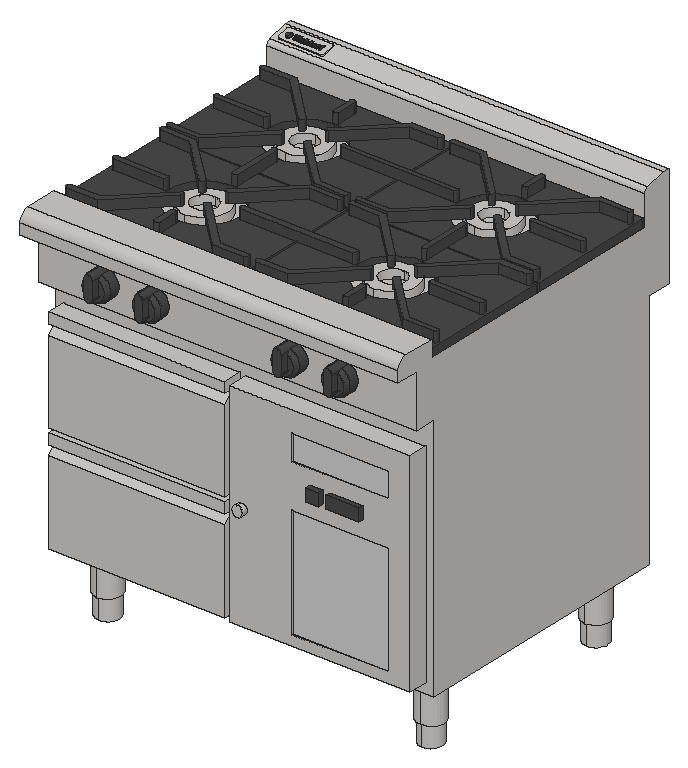
Revit family "QF_MOFFAT WALDORF_RNL8900G-RB", category Specialty Equipment, Revit 2012
Parameters
  Weight in Pounds = 396.8316
  Watts = 250 W
  Volts = 240 V
  URL Cutsheet = "www.moffat.com"
  URL = "www.moffat.com"
  Type Mark [instance] = ""
  Status [instance] = ""
  Specification by User [instance] = ""
  Specification by Manufacturer = ""
  Show Logo [instance] = yes
  Show Door [instance] = no
  Show Clearance [instance] = yes
  Show Casters [instance] = no
  Serial Number = ""
  Seismic Rating = ""
  SMACNA No = ""
  Revision Code [instance] = ""
  Refrigerant Type = "R134a"
  Phase = 1
  Omniclass Number and Title = ""
  Number of Poles = 1
  NAFEM Spec ID Number = ""
  Model = "RNL8900G-RB"
  Min Ckt Ampacity = 0 A
  Mechanical Remarks [instance] = ""
  Mechanical Connection Type [instance] = ""
  Max Overcurrent Protection = 0 A
  Masterspec = ""
  Manufacturer = "MOFFAT WALDORF"
  Legs [instance] = not(Show Casters)  # yes
  Item Number [instance] = ""
  Installed By [instance] = ""
  Identify Quantity as Lot [instance] = yes
  HP = ""
  Gas Size = 3/4"
  Gas RI Height [instance] = 0.0 mm
  Gas KW [instance] = 31
  Gas Input [instance] = 106156.0 Btu/h
  Gas Connection Height = 0.0 mm
  Furnished By [instance] = ""
  Foodservice Equipment Identifier [instance] = yes
  FL Amps = 1.8 A
  Elec Conn RI Height = 0.0 mm
  Elec Conn Connection Height = 0.0 mm
  Drawer Clearance [instance] = and(Show Clearance, and(Drawer))  # yes
  Drawer [instance] = not(Show Door)  # yes
  Door Clearance [instance] = and(Show Clearance, and(Show Door))  # no
  Description = "COOK TOP LOW SPLASHBACK GAS ON REFRIGERATED BASE"
  Cycle = 50 Hz
  Conn Plug = ""
  Conn Conduit = yes
  CSI MasterFormat = ""
  CSI Master Format = ""
  Base Height [instance] = 150.0 mm
  Apparent Power = if(Phase = 3, Volts * FL Amps * 1.73, Volts * FL Amps)  # 432 VA
Reference planes
  plane 1 "BACK": y = 0
  plane 2: z = 0
  plane 3 "LEFT": x = 0
  plane 4 "RIGHT": x = 900
  plane 5 "FRONT": y = -805
  plane 6 "TOP": z = 970
  plane 7 "Center Y": x = 450
  plane 8 "Center X": y = -402.5
  plane 9 "Base Height": z = 150
  plane 10: z = 915
  plane 11: z = 174
  plane 12: x = 617
  plane 13: z = 402
  plane 14: y = -135
  plane 15: y = -625
  plane 16: x = 65.8
Forms (mm)
  Extrusion 1, solid, material "QF_Finishes_Stainless Steel"
    sketch origin (0, 0, 0) x (0, 1, 0) y (0, 0, 1)
      loop
        line (-805, 891) -> (-805, 866) -> (-749, 866) -> (-749, 740) -> (-699, 740) -> (-699, 150) -> (-59, 150) -> (-59, 725) -> (0, 725) -> (0, 970) -> (-15, 970) -> (-61.106, 957.646)
        arc (-61.106, 957.646) -> (-67.52, 953.36) -> (-70, 946.055) r 12
        line (-70, 946.055) -> (-70, 875) -> (-705, 875) -> (-705, 915) -> (-781, 915)
        arc (-781, 915) -> (-797.971, 907.971) -> (-805, 891) r 24
    from 0 to 900
  Revolve 2, solid, material "QF_Finishes_Black"
    sketch origin (285.001, 0, 600) x (0, -1, 0) y (0, 0, 1)
      loop
        line (782, 234.605) -> (759, 234.605) -> (759, 207.105) -> (749, 207.105) -> (749, 202.105) -> (793, 202.105) -> (793, 228.757) -> (782, 234.605)
      axis (793, 202.105) -> (749, 202.105)
    angle from 0 to 360
  Extrusion 3, solid, material "QF_Finishes_Black"
    sketch origin (-3.43, 0, 496.003) x (1, 0, 0) y (0, 0, 1)
      loop
        line (298.431, 294) -> (298.431, 332.997)
        arc (298.431, 332.997) -> (288.431, 342.997) -> (278.431, 332.997) r 10
        line (278.431, 332.997) -> (278.431, 294)
        arc (278.431, 294) -> (288.431, 284) -> (298.431, 294) r 10
    from 759 to 808
  Extrusion 4, solid, material "QF_Finishes_Stainless Steel"
    sketch origin (705, 3, 95) x (1, 0, 0) y (0, 1, 0)
      loop
        circle (65, -35) r 13.5
    from 560 to 630
  Revolve 5, solid, material "QF_Finishes_Black"
    sketch origin (165, 0, 599.873) x (0, 1, 0) y (0, 0, -1)
      loop
        line (-782, -234.5) -> (-759, -234.5) -> (-759, -207) -> (-749, -207) -> (-749, -202) -> (-793, -202) -> (-793, -228.651) -> (-782, -234.5)
      axis (-793, -202) -> (-749, -202)
    angle from 0 to 360
  Extrusion 6, solid, material "QF_Finishes_Black"
    sketch origin (303.27, 0, 600.031) x (-1, 0, 0) y (0, 0, -1)
      loop
        arc (148.269, -189.969) -> (138.269, -179.969) -> (128.269, -189.969) r 10
        line (128.269, -189.969) -> (128.269, -228.969)
        arc (128.269, -228.969) -> (138.269, -238.969) -> (148.269, -228.969) r 10
        line (148.269, -228.969) -> (148.269, -189.969)
    from 759 to 808
  Extrusion 7, solid, material "QF_Finishes_Black"
    sketch origin (0, -77.318, 894.5) x (0, -1, 0) y (1, 0, 0)
      loop
        spline (252.08, 230.775) -> (250.786, 230.557) -> (249.58, 229.918) -> (248.545, 228.9) -> (247.75, 227.575) -> (247.251, 226.031) -> (247.08, 224.375) -> (247.251, 222.719) -> (247.75, 221.175) -> (248.545, 219.85) -> (249.58, 218.832) -> (250.786, 218.193) -> (252.08, 217.975)
        line (252.08, 217.975) -> (368.284, 217.975)
        spline (368.284, 217.975) -> (369.579, 218.193) -> (370.784, 218.832) -> (371.82, 219.85) -> (372.615, 221.175) -> (373.114, 222.719) -> (373.284, 224.375) -> (373.114, 226.031) -> (372.615, 227.575) -> (371.82, 228.9) -> (370.784, 229.918) -> (369.579, 230.557) -> (368.284, 230.775)
        line (368.284, 230.775) -> (252.08, 230.775)
      loop
        spline (601.284, 217.975) -> (602.579, 218.193) -> (603.784, 218.832) -> (604.82, 219.85) -> (605.615, 221.175) -> (606.114, 222.719) -> (606.284, 224.375) -> (606.114, 226.031) -> (605.615, 227.575) -> (604.82, 228.9) -> (603.784, 229.918) -> (602.579, 230.557) -> (601.284, 230.775)
        line (601.284, 230.775) -> (552.08, 230.775)
        spline (552.08, 230.775) -> (550.786, 230.557) -> (549.58, 229.918) -> (548.545, 228.9) -> (547.75, 227.575) -> (547.251, 226.031) -> (547.08, 224.375) -> (547.251, 222.719) -> (547.75, 221.175) -> (548.545, 219.85) -> (549.58, 218.832) -> (550.786, 218.193) -> (552.08, 217.975)
        line (552.08, 217.975) -> (601.284, 217.975)
      loop
        line (466.582, 13.273) -> (466.582, 132.477)
        spline (466.582, 132.477) -> (466.364, 133.771) -> (465.725, 134.977) -> (464.708, 136.013) -> (463.382, 136.807) -> (461.839, 137.307) -> (460.182, 137.477) -> (458.526, 137.307) -> (456.982, 136.807) -> (455.657, 136.013) -> (454.64, 134.977) -> (454, 133.771) -> (453.782, 132.477)
        line (453.782, 132.477) -> (453.782, 13.273)
        spline (453.782, 13.273) -> (454, 11.979) -> (454.64, 10.773) -> (455.657, 9.737) -> (456.982, 8.943) -> (458.526, 8.443) -> (460.182, 8.273) -> (461.839, 8.443) -> (463.382, 8.943) -> (464.708, 9.737) -> (465.725, 10.773) -> (466.364, 11.979) -> (466.582, 13.273)
      loop
        line (14.11, 87.354) -> (14.11, 13.21)
        spline (14.11, 13.21) -> (14.338, 11.916) -> (15.008, 10.71) -> (16.073, 9.675) -> (17.46, 8.88) -> (19.076, 8.381) -> (20.81, 8.21) -> (22.544, 8.381) -> (24.16, 8.88) -> (25.548, 9.675) -> (26.613, 10.71) -> (27.282, 11.916) -> (27.51, 13.21)
        line (27.51, 13.21) -> (27.51, 82.652) -> (133.259, 188.4)
        spline (133.259, 188.4) -> (134.019, 189.47) -> (134.42, 190.774) -> (134.433, 192.226) -> (134.058, 193.725) -> (133.319, 195.17) -> (132.269, 196.461) -> (130.977, 197.512) -> (129.532, 198.25) -> (128.033, 198.626) -> (126.582, 198.613) -> (125.277, 198.212) -> (124.208, 197.451)
        line (124.208, 197.451) -> (14.11, 87.354)
      loop
        spline (19.08, 230.775) -> (17.786, 230.557) -> (16.58, 229.918) -> (15.545, 228.9) -> (14.75, 227.575) -> (14.251, 226.031) -> (14.08, 224.375) -> (14.251, 222.719) -> (14.75, 221.175) -> (15.545, 219.85) -> (16.58, 218.832) -> (17.786, 218.193) -> (19.08, 217.975)
        line (19.08, 217.975) -> (68.284, 217.975)
        spline (68.284, 217.975) -> (69.579, 218.193) -> (70.784, 218.832) -> (71.82, 219.85) -> (72.615, 221.175) -> (73.114, 222.719) -> (73.284, 224.375) -> (73.114, 226.031) -> (72.615, 227.575) -> (71.82, 228.9) -> (70.784, 229.918) -> (69.579, 230.557) -> (68.284, 230.775)
        line (68.284, 230.775) -> (19.08, 230.775)
      loop
        line (306.255, 87.354) -> (196.157, 197.451)
        spline (196.157, 197.451) -> (195.088, 198.212) -> (193.783, 198.613) -> (192.332, 198.626) -> (190.832, 198.25) -> (189.388, 197.512) -> (188.096, 196.461) -> (187.045, 195.17) -> (186.307, 193.725) -> (185.932, 192.226) -> (185.945, 190.774) -> (186.345, 189.47) -> (187.106, 188.4)
        line (187.106, 188.4) -> (292.855, 82.652) -> (292.855, 13.21)
        spline (292.855, 13.21) -> (293.083, 11.916) -> (293.752, 10.71) -> (294.817, 9.675) -> (296.205, 8.88) -> (297.82, 8.381) -> (299.555, 8.21) -> (301.289, 8.381) -> (302.905, 8.88) -> (304.292, 9.675) -> (305.357, 10.71) -> (306.026, 11.916) -> (306.255, 13.21)
        line (306.255, 13.21) -> (306.255, 87.354)
      loop
        line (166.582, 13.273) -> (166.582, 132.477)
        spline (166.582, 132.477) -> (166.364, 133.771) -> (165.725, 134.977) -> (164.708, 136.013) -> (163.382, 136.807) -> (161.839, 137.307) -> (160.182, 137.477) -> (158.526, 137.307) -> (156.982, 136.807) -> (155.657, 136.013) -> (154.64, 134.977) -> (154, 133.771) -> (153.782, 132.477)
        line (153.782, 132.477) -> (153.782, 13.273)
        spline (153.782, 13.273) -> (154, 11.979) -> (154.64, 10.773) -> (155.657, 9.737) -> (156.982, 8.943) -> (158.526, 8.443) -> (160.182, 8.273) -> (161.839, 8.443) -> (163.382, 8.943) -> (164.708, 9.737) -> (165.725, 10.773) -> (166.364, 11.979) -> (166.582, 13.273)
      loop
        line (14.11, 361.396) -> (124.208, 251.299)
        spline (124.208, 251.299) -> (125.277, 250.538) -> (126.582, 250.137) -> (128.033, 250.124) -> (129.532, 250.5) -> (130.977, 251.238) -> (132.269, 252.289) -> (133.319, 253.58) -> (134.058, 255.025) -> (134.433, 256.524) -> (134.42, 257.976) -> (134.019, 259.28) -> (133.259, 260.35)
        line (133.259, 260.35) -> (27.51, 366.098) -> (27.51, 435.54)
        spline (27.51, 435.54) -> (27.282, 436.834) -> (26.613, 438.04) -> (25.548, 439.075) -> (24.16, 439.87) -> (22.544, 440.369) -> (20.81, 440.54) -> (19.076, 440.369) -> (17.46, 439.87) -> (16.073, 439.075) -> (15.008, 438.04) -> (14.338, 436.834) -> (14.11, 435.54)
        line (14.11, 435.54) -> (14.11, 361.396)
      loop
        line (306.255, 361.396) -> (306.255, 435.54)
        spline (306.255, 435.54) -> (306.026, 436.834) -> (305.357, 438.04) -> (304.292, 439.075) -> (302.905, 439.87) -> (301.289, 440.369) -> (299.555, 440.54) -> (297.82, 440.369) -> (296.205, 439.87) -> (294.817, 439.075) -> (293.752, 438.04) -> (293.083, 436.834) -> (292.855, 435.54)
        line (292.855, 435.54) -> (292.855, 366.098) -> (187.106, 260.35)
        spline (187.106, 260.35) -> (186.345, 259.28) -> (185.945, 257.976) -> (185.932, 256.524) -> (186.307, 255.025) -> (187.045, 253.58) -> (188.096, 252.289) -> (189.388, 251.238) -> (190.832, 250.5) -> (192.332, 250.124) -> (193.783, 250.137) -> (195.088, 250.538) -> (196.157, 251.299)
        line (196.157, 251.299) -> (306.255, 361.396)
      loop
        spline (166.582, 583.727) -> (166.364, 585.021) -> (165.725, 586.227) -> (164.708, 587.263) -> (163.382, 588.057) -> (161.839, 588.557) -> (160.182, 588.727) -> (158.526, 588.557) -> (156.982, 588.057) -> (155.657, 587.263) -> (154.64, 586.227) -> (154, 585.021) -> (153.782, 583.727)
        line (153.782, 583.727) -> (153.782, 316.273)
        spline (153.782, 316.273) -> (154, 314.979) -> (154.64, 313.773) -> (155.657, 312.737) -> (156.982, 311.943) -> (158.526, 311.443) -> (160.182, 311.273) -> (161.839, 311.443) -> (163.382, 311.943) -> (164.708, 312.737) -> (165.725, 313.773) -> (166.364, 314.979) -> (166.582, 316.273)
        line (166.582, 316.273) -> (166.582, 583.727)
      loop
        line (313.11, 87.354) -> (313.11, 13.21)
        spline (313.11, 13.21) -> (313.338, 11.916) -> (314.008, 10.71) -> (315.073, 9.675) -> (316.46, 8.88) -> (318.076, 8.381) -> (319.81, 8.21) -> (321.544, 8.381) -> (323.16, 8.88) -> (324.548, 9.675) -> (325.613, 10.71) -> (326.282, 11.916) -> (326.51, 13.21)
        line (326.51, 13.21) -> (326.51, 82.652) -> (432.259, 188.4)
        spline (432.259, 188.4) -> (433.019, 189.47) -> (433.42, 190.774) -> (433.433, 192.226) -> (433.058, 193.725) -> (432.319, 195.17) -> (431.269, 196.461) -> (429.977, 197.512) -> (428.532, 198.25) -> (427.033, 198.626) -> (425.582, 198.613) -> (424.277, 198.212) -> (423.208, 197.451)
        line (423.208, 197.451) -> (313.11, 87.354)
      loop
        line (605.255, 87.354) -> (495.157, 197.451)
        spline (495.157, 197.451) -> (494.088, 198.212) -> (492.783, 198.613) -> (491.332, 198.626) -> (489.832, 198.25) -> (488.388, 197.512) -> (487.096, 196.461) -> (486.045, 195.17) -> (485.307, 193.725) -> (484.932, 192.226) -> (484.945, 190.774) -> (485.345, 189.47) -> (486.106, 188.4)
        line (486.106, 188.4) -> (591.855, 82.652) -> (591.855, 13.21)
        spline (591.855, 13.21) -> (592.083, 11.916) -> (592.752, 10.71) -> (593.817, 9.675) -> (595.205, 8.88) -> (596.82, 8.381) -> (598.555, 8.21) -> (600.289, 8.381) -> (601.905, 8.88) -> (603.292, 9.675) -> (604.357, 10.71) -> (605.026, 11.916) -> (605.255, 13.21)
        line (605.255, 13.21) -> (605.255, 87.354)
      loop
        line (313.11, 361.396) -> (423.208, 251.299)
        spline (423.208, 251.299) -> (424.277, 250.538) -> (425.582, 250.137) -> (427.033, 250.124) -> (428.532, 250.5) -> (429.977, 251.238) -> (431.269, 252.289) -> (432.319, 253.58) -> (433.058, 255.025) -> (433.433, 256.524) -> (433.42, 257.976) -> (433.019, 259.28) -> (432.259, 260.35)
        line (432.259, 260.35) -> (326.51, 366.098) -> (326.51, 435.54)
        spline (326.51, 435.54) -> (326.282, 436.834) -> (325.613, 438.04) -> (324.548, 439.075) -> (323.16, 439.87) -> (321.544, 440.369) -> (319.81, 440.54) -> (318.076, 440.369) -> (316.46, 439.87) -> (315.073, 439.075) -> (314.008, 438.04) -> (313.338, 436.834) -> (313.11, 435.54)
        line (313.11, 435.54) -> (313.11, 361.396)
      loop
        line (605.255, 361.396) -> (605.255, 435.54)
        spline (605.255, 435.54) -> (605.026, 436.834) -> (604.357, 438.04) -> (603.292, 439.075) -> (601.905, 439.87) -> (600.289, 440.369) -> (598.555, 440.54) -> (596.82, 440.369) -> (595.205, 439.87) -> (593.817, 439.075) -> (592.752, 438.04) -> (592.083, 436.834) -> (591.855, 435.54)
        line (591.855, 435.54) -> (591.855, 366.098) -> (486.106, 260.35)
        spline (486.106, 260.35) -> (485.345, 259.28) -> (484.945, 257.976) -> (484.932, 256.524) -> (485.307, 255.025) -> (486.045, 253.58) -> (487.096, 252.289) -> (488.388, 251.238) -> (489.832, 250.5) -> (491.332, 250.124) -> (492.783, 250.137) -> (494.088, 250.538) -> (495.157, 251.299)
        line (495.157, 251.299) -> (605.255, 361.396)
      loop
        spline (465.582, 583.727) -> (465.364, 585.021) -> (464.725, 586.227) -> (463.708, 587.263) -> (462.382, 588.057) -> (460.839, 588.557) -> (459.182, 588.727) -> (457.526, 588.557) -> (455.982, 588.057) -> (454.657, 587.263) -> (453.64, 586.227) -> (453, 585.021) -> (452.782, 583.727)
        line (452.782, 583.727) -> (452.782, 316.273)
        spline (452.782, 316.273) -> (453, 314.979) -> (453.64, 313.773) -> (454.657, 312.737) -> (455.982, 311.943) -> (457.526, 311.443) -> (459.182, 311.273) -> (460.839, 311.443) -> (462.382, 311.943) -> (463.708, 312.737) -> (464.725, 313.773) -> (465.364, 314.979) -> (465.582, 316.273)
        line (465.582, 316.273) -> (465.582, 583.727)
      loop
        line (252.08, 669.225) -> (368.284, 669.225)
        spline (368.284, 669.225) -> (369.579, 669.443) -> (370.784, 670.082) -> (371.82, 671.1) -> (372.615, 672.425) -> (373.114, 673.969) -> (373.284, 675.625) -> (373.114, 677.281) -> (372.615, 678.825) -> (371.82, 680.15) -> (370.784, 681.168) -> (369.579, 681.807) -> (368.284, 682.025)
        line (368.284, 682.025) -> (252.08, 682.025)
        spline (252.08, 682.025) -> (250.786, 681.807) -> (249.58, 681.168) -> (248.545, 680.15) -> (247.75, 678.825) -> (247.251, 677.281) -> (247.08, 675.625) -> (247.251, 673.969) -> (247.75, 672.425) -> (248.545, 671.1) -> (249.58, 670.082) -> (250.786, 669.443) -> (252.08, 669.225)
      loop
        line (601.284, 682.025) -> (552.08, 682.025)
        spline (552.08, 682.025) -> (550.786, 681.807) -> (549.58, 681.168) -> (548.545, 680.15) -> (547.75, 678.825) -> (547.251, 677.281) -> (547.08, 675.625) -> (547.251, 673.969) -> (547.75, 672.425) -> (548.545, 671.1) -> (549.58, 670.082) -> (550.786, 669.443) -> (552.08, 669.225)
        line (552.08, 669.225) -> (601.284, 669.225)
        spline (601.284, 669.225) -> (602.579, 669.443) -> (603.784, 670.082) -> (604.82, 671.1) -> (605.615, 672.425) -> (606.114, 673.969) -> (606.284, 675.625) -> (606.114, 677.281) -> (605.615, 678.825) -> (604.82, 680.15) -> (603.784, 681.168) -> (602.579, 681.807) -> (601.284, 682.025)
      loop
        spline (466.582, 886.727) -> (466.364, 888.021) -> (465.725, 889.227) -> (464.708, 890.263) -> (463.382, 891.057) -> (461.839, 891.557) -> (460.182, 891.727) -> (458.526, 891.557) -> (456.982, 891.057) -> (455.657, 890.263) -> (454.64, 889.227) -> (454, 888.021) -> (453.782, 886.727)
        line (453.782, 886.727) -> (453.782, 767.523)
        spline (453.782, 767.523) -> (454, 766.229) -> (454.64, 765.023) -> (455.657, 763.987) -> (456.982, 763.193) -> (458.526, 762.693) -> (460.182, 762.523) -> (461.839, 762.693) -> (463.382, 763.193) -> (464.708, 763.987) -> (465.725, 765.023) -> (466.364, 766.229) -> (466.582, 767.523)
        line (466.582, 767.523) -> (466.582, 886.727)
      loop
        line (14.11, 812.646) -> (124.208, 702.549)
        spline (124.208, 702.549) -> (125.277, 701.788) -> (126.582, 701.387) -> (128.033, 701.374) -> (129.532, 701.75) -> (130.977, 702.488) -> (132.269, 703.539) -> (133.319, 704.83) -> (134.058, 706.275) -> (134.433, 707.774) -> (134.42, 709.226) -> (134.019, 710.53) -> (133.259, 711.6)
        line (133.259, 711.6) -> (27.51, 817.348) -> (27.51, 886.79)
        spline (27.51, 886.79) -> (27.282, 888.084) -> (26.613, 889.29) -> (25.548, 890.325) -> (24.16, 891.12) -> (22.544, 891.619) -> (20.81, 891.79) -> (19.076, 891.619) -> (17.46, 891.12) -> (16.073, 890.325) -> (15.008, 889.29) -> (14.338, 888.084) -> (14.11, 886.79)
        line (14.11, 886.79) -> (14.11, 812.646)
      loop
        line (19.08, 669.225) -> (68.284, 669.225)
        spline (68.284, 669.225) -> (69.579, 669.443) -> (70.784, 670.082) -> (71.82, 671.1) -> (72.615, 672.425) -> (73.114, 673.969) -> (73.284, 675.625) -> (73.114, 677.281) -> (72.615, 678.825) -> (71.82, 680.15) -> (70.784, 681.168) -> (69.579, 681.807) -> (68.284, 682.025)
        line (68.284, 682.025) -> (19.08, 682.025)
        spline (19.08, 682.025) -> (17.786, 681.807) -> (16.58, 681.168) -> (15.545, 680.15) -> (14.75, 678.825) -> (14.251, 677.281) -> (14.08, 675.625) -> (14.251, 673.969) -> (14.75, 672.425) -> (15.545, 671.1) -> (16.58, 670.082) -> (17.786, 669.443) -> (19.08, 669.225)
      loop
        line (306.255, 812.646) -> (306.255, 886.79)
        spline (306.255, 886.79) -> (306.026, 888.084) -> (305.357, 889.29) -> (304.292, 890.325) -> (302.905, 891.12) -> (301.289, 891.619) -> (299.555, 891.79) -> (297.82, 891.619) -> (296.205, 891.12) -> (294.817, 890.325) -> (293.752, 889.29) -> (293.083, 888.084) -> (292.855, 886.79)
        line (292.855, 886.79) -> (292.855, 817.348) -> (187.106, 711.6)
        spline (187.106, 711.6) -> (186.345, 710.53) -> (185.945, 709.226) -> (185.932, 707.774) -> (186.307, 706.275) -> (187.045, 704.83) -> (188.096, 703.539) -> (189.388, 702.488) -> (190.832, 701.75) -> (192.332, 701.374) -> (193.783, 701.387) -> (195.088, 701.788) -> (196.157, 702.549)
        line (196.157, 702.549) -> (306.255, 812.646)
      loop
        spline (166.582, 886.727) -> (166.364, 888.021) -> (165.725, 889.227) -> (164.708, 890.263) -> (163.382, 891.057) -> (161.839, 891.557) -> (160.182, 891.727) -> (158.526, 891.557) -> (156.982, 891.057) -> (155.657, 890.263) -> (154.64, 889.227) -> (154, 888.021) -> (153.782, 886.727)
        line (153.782, 886.727) -> (153.782, 767.523)
        spline (153.782, 767.523) -> (154, 766.229) -> (154.64, 765.023) -> (155.657, 763.987) -> (156.982, 763.193) -> (158.526, 762.693) -> (160.182, 762.523) -> (161.839, 762.693) -> (163.382, 763.193) -> (164.708, 763.987) -> (165.725, 765.023) -> (166.364, 766.229) -> (166.582, 767.523)
        line (166.582, 767.523) -> (166.582, 886.727)
      loop
        line (14.11, 538.604) -> (14.11, 464.46)
        spline (14.11, 464.46) -> (14.338, 463.166) -> (15.008, 461.96) -> (16.073, 460.925) -> (17.46, 460.13) -> (19.076, 459.631) -> (20.81, 459.46) -> (22.544, 459.631) -> (24.16, 460.13) -> (25.548, 460.925) -> (26.613, 461.96) -> (27.282, 463.166) -> (27.51, 464.46)
        line (27.51, 464.46) -> (27.51, 533.902) -> (133.259, 639.65)
        spline (133.259, 639.65) -> (134.019, 640.72) -> (134.42, 642.024) -> (134.433, 643.476) -> (134.058, 644.975) -> (133.319, 646.42) -> (132.269, 647.711) -> (130.977, 648.762) -> (129.532, 649.5) -> (128.033, 649.876) -> (126.582, 649.863) -> (125.277, 649.462) -> (124.208, 648.701)
        line (124.208, 648.701) -> (14.11, 538.604)
      loop
        line (306.255, 538.604) -> (196.157, 648.701)
        spline (196.157, 648.701) -> (195.088, 649.462) -> (193.783, 649.863) -> (192.332, 649.876) -> (190.832, 649.5) -> (189.388, 648.762) -> (188.096, 647.711) -> (187.045, 646.42) -> (186.307, 644.975) -> (185.932, 643.476) -> (185.945, 642.024) -> (186.345, 640.72) -> (187.106, 639.65)
        line (187.106, 639.65) -> (292.855, 533.902) -> (292.855, 464.46)
        spline (292.855, 464.46) -> (293.083, 463.166) -> (293.752, 461.96) -> (294.817, 460.925) -> (296.205, 460.13) -> (297.82, 459.631) -> (299.555, 459.46) -> (301.289, 459.631) -> (302.905, 460.13) -> (304.292, 460.925) -> (305.357, 461.96) -> (306.026, 463.166) -> (306.255, 464.46)
        line (306.255, 464.46) -> (306.255, 538.604)
      loop
        line (313.11, 812.646) -> (423.208, 702.549)
        spline (423.208, 702.549) -> (424.277, 701.788) -> (425.582, 701.387) -> (427.033, 701.374) -> (428.532, 701.75) -> (429.977, 702.488) -> (431.269, 703.539) -> (432.319, 704.83) -> (433.058, 706.275) -> (433.433, 707.774) -> (433.42, 709.226) -> (433.019, 710.53) -> (432.259, 711.6)
        line (432.259, 711.6) -> (326.51, 817.348) -> (326.51, 886.79)
        spline (326.51, 886.79) -> (326.282, 888.084) -> (325.613, 889.29) -> (324.548, 890.325) -> (323.16, 891.12) -> (321.544, 891.619) -> (319.81, 891.79) -> (318.076, 891.619) -> (316.46, 891.12) -> (315.073, 890.325) -> (314.008, 889.29) -> (313.338, 888.084) -> (313.11, 886.79)
        line (313.11, 886.79) -> (313.11, 812.646)
      loop
        line (605.255, 812.646) -> (605.255, 886.79)
        spline (605.255, 886.79) -> (605.026, 888.084) -> (604.357, 889.29) -> (603.292, 890.325) -> (601.905, 891.12) -> (600.289, 891.619) -> (598.555, 891.79) -> (596.82, 891.619) -> (595.205, 891.12) -> (593.817, 890.325) -> (592.752, 889.29) -> (592.083, 888.084) -> (591.855, 886.79)
        line (591.855, 886.79) -> (591.855, 817.348) -> (486.106, 711.6)
        spline (486.106, 711.6) -> (485.345, 710.53) -> (484.945, 709.226) -> (484.932, 707.774) -> (485.307, 706.275) -> (486.045, 704.83) -> (487.096, 703.539) -> (488.388, 702.488) -> (489.832, 701.75) -> (491.332, 701.374) -> (492.783, 701.387) -> (494.088, 701.788) -> (495.157, 702.549)
        line (495.157, 702.549) -> (605.255, 812.646)
      loop
        line (313.11, 538.604) -> (313.11, 464.46)
        spline (313.11, 464.46) -> (313.338, 463.166) -> (314.008, 461.96) -> (315.073, 460.925) -> (316.46, 460.13) -> (318.076, 459.631) -> (319.81, 459.46) -> (321.544, 459.631) -> (323.16, 460.13) -> (324.548, 460.925) -> (325.613, 461.96) -> (326.282, 463.166) -> (326.51, 464.46)
        line (326.51, 464.46) -> (326.51, 533.902) -> (432.259, 639.65)
        spline (432.259, 639.65) -> (433.019, 640.72) -> (433.42, 642.024) -> (433.433, 643.476) -> (433.058, 644.975) -> (432.319, 646.42) -> (431.269, 647.711) -> (429.977, 648.762) -> (428.532, 649.5) -> (427.033, 649.876) -> (425.582, 649.863) -> (424.277, 649.462) -> (423.208, 648.701)
        line (423.208, 648.701) -> (313.11, 538.604)
      loop
        line (605.255, 538.604) -> (495.157, 648.701)
        spline (495.157, 648.701) -> (494.088, 649.462) -> (492.783, 649.863) -> (491.332, 649.876) -> (489.832, 649.5) -> (488.388, 648.762) -> (487.096, 647.711) -> (486.045, 646.42) -> (485.307, 644.975) -> (484.932, 643.476) -> (484.945, 642.024) -> (485.345, 640.72) -> (486.106, 639.65)
        line (486.106, 639.65) -> (591.855, 533.902) -> (591.855, 464.46)
        spline (591.855, 464.46) -> (592.083, 463.166) -> (592.752, 461.96) -> (593.817, 460.925) -> (595.205, 460.13) -> (596.82, 459.631) -> (598.555, 459.46) -> (600.289, 459.631) -> (601.905, 460.13) -> (603.292, 460.925) -> (604.357, 461.96) -> (605.026, 463.166) -> (605.255, 464.46)
        line (605.255, 464.46) -> (605.255, 538.604)
    from 0 to 23.5
  Revolve 8, solid, material "QF_Finishes_Black"
    sketch origin (735, 0, 600) x (0, -1, 0) y (0, 0, 1)
      loop
        line (782, 234.605) -> (759, 234.605) -> (759, 207.105) -> (749, 207.105) -> (749, 202.105) -> (793, 202.105) -> (793, 228.757) -> (782, 234.605)
      axis (793, 202.105) -> (749, 202.105)
    angle from 0 to 360
  Extrusion 9, solid, material "QF_Finishes_Black"
    sketch origin (596.569, 0, 496.003) x (1, 0, 0) y (0, 0, 1)
      loop
        line (148.431, 294) -> (148.431, 332.997)
        arc (148.431, 332.997) -> (138.431, 342.997) -> (128.431, 332.997) r 10
        line (128.431, 332.997) -> (128.431, 294)
        arc (128.431, 294) -> (138.431, 284) -> (148.431, 294) r 10
    from 759 to 808
  Revolve 10, solid, material "QF_Finishes_Black"
    sketch origin (615, 0, 599.907) x (0, 1, 0) y (0, 0, -1)
      loop
        line (-782, -234.5) -> (-759, -234.5) -> (-759, -207) -> (-749, -207) -> (-749, -202) -> (-793, -202) -> (-793, -228.651) -> (-782, -234.5)
      axis (-793, -202) -> (-749, -202)
    angle from 0 to 360
  Extrusion 11, solid, material "QF_Finishes_Black"
    sketch origin (603.269, 0, 600.031) x (-1, 0, 0) y (0, 0, -1)
      loop
        arc (-1.731, -189.969) -> (-11.731, -179.969) -> (-21.731, -189.969) r 10
        line (-21.731, -189.969) -> (-21.731, -228.969)
        arc (-21.731, -228.969) -> (-11.731, -238.969) -> (-1.731, -228.969) r 10
        line (-1.731, -228.969) -> (-1.731, -189.969)
    from 759 to 808
  Revolve 12, solid, material "QF_Finishes_Stainless Steel", visible <- "Legs"
    sketch origin (65, -200, 0) x (0, 1, 0) y (0, 0, 1)
      loop
        line (33.25, 150) -> (33.25, 50) -> (37.5, 50) -> (37.5, 0) -> (65, 0) -> (65, 150) -> (33.25, 150)
      axis (65, 150) -> (65, 0)
    angle from 0 to 360
  Revolve 13, solid, material "QF_Finishes_Stainless Steel"
    sketch origin (65, -735, 0) x (0, 1, 0) y (0, 0, 1)
      loop
        line (78.25, 150) -> (78.25, 50) -> (82.5, 50) -> (82.5, 0) -> (110, 0) -> (110, 150) -> (78.25, 150)
      axis (110, 150) -> (110, 0)
    angle from 0 to 360
  Revolve 14, solid, material "QF_Finishes_Stainless Steel", visible <- "Legs"
    sketch origin (835, -200, 0) x (0, 1, 0) y (0, 0, -1)
      loop
        line (33.25, -150) -> (65, -150) -> (65, 0) -> (37.5, 0) -> (37.5, -50) -> (33.25, -50) -> (33.25, -150)
      axis (65, -150) -> (65, 0)
    angle from 0 to 360
  Revolve 15, solid, material "QF_Finishes_Stainless Steel"
    sketch origin (835, -735, 0) x (0, 1, 0) y (0, 0, -1)
      loop
        line (78.25, -150) -> (110, -150) -> (110, 0) -> (82.5, 0) -> (82.5, -50) -> (78.25, -50) -> (78.25, -150)
      axis (110, -150) -> (110, 0)
    angle from 0 to 360
  Extrusion 16, solid, material "QF_Finishes_Stainless Steel"
    sketch origin (0, -699, 866) x (0, 0, -1) y (1, 0, 0)
      loop
        line (188, 881) -> (188, 453) -> (692, 453) -> (692, 881) -> (188, 881)
      loop
        line (667, 831) -> (402, 831) -> (402, 601) -> (667, 601) -> (667, 831)
      loop
        line (238, 831) -> (238, 601) -> (298, 601) -> (298, 831) -> (238, 831)
    from 0 to 48
  Extrusion 17, solid, material "QF_Finishes_Black"
    sketch origin (0, -747, 866) x (0, 0, -1) y (1, 0, 0)
      loop
        line (332.46, 644.926) -> (362.46, 644.926) -> (362.46, 674.926) -> (332.46, 674.926) -> (332.46, 644.926)
      loop
        line (332.46, 692.503) -> (362.46, 692.503) -> (362.46, 770.815) -> (332.46, 770.815) -> (332.46, 692.503)
    from 0 to 12.7
  Extrusion 18, solid, material "QF_Finishes_Stainless Steel"
    sketch origin (0, -747, 866) x (0, 0, -1) y (1, 0, 0)
      loop
        circle (441.229, 480.856) r 12.395
    from 0 to 12.7
  Extrusion 19, solid, material "QF_Finishes_Vents"
    sketch origin (0, -699, 866) x (0, 0, 1) y (1, 0, 0)
      loop
        line (-298, 601) -> (-238, 601) -> (-238, 831) -> (-298, 831) -> (-298, 601)
      loop
        line (-402, 601) -> (-402, 831) -> (-667, 831) -> (-667, 601) -> (-402, 601)
    from 0 to -44.529
  Extrusion 20, solid, material "QF_Finishes_Stainless Steel"
    sketch origin (0, 0, 150) x (0, 0, 1) y (1, 0, 0)
      loop
        circle (252, 617) r 6.35
    from 0 to 1.6
  Extrusion 21, solid, material "QF_Finishes_Black"
    sketch origin (0, -77.318, 875) x (0, -1, 0) y (1, 0, 0)
      loop
        arc (-6.318, 4) -> (-5.439, 1.879) -> (-3.318, 1) r 3
        line (-3.318, 1) -> (305.057, 1)
        arc (305.057, 1) -> (307.179, 1.879) -> (308.057, 4) r 3
        line (308.057, 4) -> (308.057, 445.187)
        arc (308.057, 445.187) -> (307.179, 447.309) -> (305.057, 448.187) r 3
        line (305.057, 448.187) -> (-3.318, 448.187)
        arc (-3.318, 448.187) -> (-5.439, 447.309) -> (-6.318, 445.187) r 3
        line (-6.318, 445.187) -> (-6.318, 4)
      loop
        line (623.682, 899) -> (314.057, 899)
        arc (314.057, 899) -> (311.936, 898.121) -> (311.057, 896) r 3
        line (311.057, 896) -> (311.057, 454.812)
        arc (311.057, 454.812) -> (311.936, 452.691) -> (314.057, 451.812) r 3
        line (314.057, 451.812) -> (623.682, 451.812)
        arc (623.682, 451.812) -> (625.804, 452.691) -> (626.682, 454.812) r 3
        line (626.682, 454.812) -> (626.682, 896)
        arc (626.682, 896) -> (625.804, 898.121) -> (623.682, 899) r 3
      loop
        arc (-3.318, 899) -> (-5.439, 898.121) -> (-6.318, 896) r 3
        line (-6.318, 896) -> (-6.318, 454.812)
        arc (-6.318, 454.812) -> (-5.439, 452.691) -> (-3.318, 451.812) r 3
        line (-3.318, 451.812) -> (305.057, 451.812)
        arc (305.057, 451.812) -> (307.179, 452.691) -> (308.057, 454.812) r 3
        line (308.057, 454.812) -> (308.057, 896)
        arc (308.057, 896) -> (307.179, 898.121) -> (305.057, 899) r 3
        line (305.057, 899) -> (-3.318, 899)
      loop
        line (626.682, 4) -> (626.682, 445.187)
        arc (626.682, 445.187) -> (625.804, 447.309) -> (623.682, 448.187) r 3
        line (623.682, 448.187) -> (314.057, 448.187)
        arc (314.057, 448.187) -> (311.936, 447.309) -> (311.057, 445.187) r 3
        line (311.057, 445.187) -> (311.057, 4)
        arc (311.057, 4) -> (311.936, 1.879) -> (314.057, 1) r 3
        line (314.057, 1) -> (623.682, 1)
        arc (623.682, 1) -> (625.804, 1.879) -> (626.682, 4) r 3
      loop
        circle (160.663, 675.95) r 84.082
      loop
        circle (460.663, 675.95) r 84.082
      loop
        circle (459.761, 224.937) r 84.082
      loop
        circle (159.761, 224.937) r 84.082
    from 0 to 19.5
  Extrusion 22, solid, material "QF_Finishes_Stainless Steel"
    sketch origin (0, -77.318, 875) x (0, -1, 0) y (1, 0, 0)
      loop
        circle (160.182, 224) r 57
      loop
        circle (160.182, 674) r 57
      loop
        circle (459.182, 674) r 57
      loop
        circle (459.182, 224) r 57
      loop
        circle (160.182, 224) r 30
      loop
        circle (160.182, 674) r 30
      loop
        circle (459.182, 674) r 30
      loop
        circle (459.182, 224) r 30
    from 0 to 20
Lines and regions (mm)
  Split face 1
    outline origin (49.063, -19.972, 968.668) x (0, -0.965926, -0.258819) y (1, 0, 0)
      loop
        line (0.03, 105.5) -> (33.432, 105.5) -> (33.432, 125.5) -> (0.03, 125.5) -> (0.03, 105.5)
  Split face 2
    outline origin (99.063, -19.972, 968.668) x (0, -0.965926, -0.258819) y (1, 0, 0)
      loop
        line (0.03, 105.5) -> (33.432, 105.5) -> (33.432, 125.5) -> (0.03, 125.5) -> (0.03, 105.5)
  Split face 3
    outline origin (149.062, -19.972, 968.668) x (0, -0.965926, -0.258819) y (1, 0, 0)
      loop
        line (0.03, 105.5) -> (33.432, 105.5) -> (33.432, 125.5) -> (0.03, 125.5) -> (0.03, 105.5)
  Split face 4
    outline origin (199.063, -19.972, 968.668) x (0, -0.965926, -0.258819) y (1, 0, 0)
      loop
        line (0.03, 105.5) -> (33.432, 105.5) -> (33.432, 125.5) -> (0.03, 125.5) -> (0.03, 105.5)
  Split face 5
    outline origin (249.062, -19.972, 968.668) x (0, -0.965926, -0.258819) y (1, 0, 0)
      loop
        line (0.03, 105.5) -> (33.432, 105.5) -> (33.432, 125.5) -> (0.03, 125.5) -> (0.03, 105.5)
  Split face 6
    outline origin (299.062, -19.972, 968.668) x (0, -0.965926, -0.258819) y (1, 0, 0)
      loop
        line (0.03, 105.5) -> (33.432, 105.5) -> (33.432, 125.5) -> (0.03, 125.5) -> (0.03, 105.5)
  Split face 7
    outline origin (349.062, -19.972, 968.668) x (0, -0.965926, -0.258819) y (1, 0, 0)
      loop
        line (0.03, 105.5) -> (33.432, 105.5) -> (33.432, 125.5) -> (0.03, 125.5) -> (0.03, 105.5)
  Split face 8
    outline origin (399.062, -19.972, 968.668) x (0, -0.965926, -0.258819) y (1, 0, 0)
      loop
        line (0.03, 105.5) -> (33.432, 105.5) -> (33.432, 125.5) -> (0.03, 125.5) -> (0.03, 105.5)
  Split face 9
    outline origin (449.062, -19.972, 968.668) x (0, -0.965926, -0.258819) y (1, 0, 0)
      loop
        line (0.03, 105.5) -> (33.432, 105.5) -> (33.432, 125.5) -> (0.03, 125.5) -> (0.03, 105.5)
  Split face 10
    outline origin (499.062, -19.972, 968.668) x (0, -0.965926, -0.258819) y (1, 0, 0)
      loop
        line (0.03, 105.5) -> (33.432, 105.5) -> (33.432, 125.5) -> (0.03, 125.5) -> (0.03, 105.5)
  Split face 11
    outline origin (549.062, -19.972, 968.668) x (0, -0.965926, -0.258819) y (1, 0, 0)
      loop
        line (0.03, 105.5) -> (33.432, 105.5) -> (33.432, 125.5) -> (0.03, 125.5) -> (0.03, 105.5)
  Split face 12
    outline origin (599.062, -19.972, 968.668) x (0, -0.965926, -0.258819) y (1, 0, 0)
      loop
        line (0.03, 105.5) -> (33.432, 105.5) -> (33.432, 125.5) -> (0.03, 125.5) -> (0.03, 105.5)
  symbolic lines, visible <- "Show Logo"
    curve 1: line (12.5, -52.06, 0) -> (12.5, -21.099, 0)
    curve 2: line (121.5, -21.099, 0) -> (121.5, -52.06, 0)
    curve 3: line (12.5, -21.099, 0) -> (121.5, -21.099, 0)
    curve 4: line (12.5, -52.06, 0) -> (121.5, -52.06, 0)
  symbolic lines
    curve 5: line (154.563, -50.782, 0) -> (154.563, -20.984, 0)
    curve 6: line (154.563, -20.984, 0) -> (174.562, -20.984, 0)
    curve 7: line (174.562, -20.984, 0) -> (174.562, -50.782, 0)
    curve 8: line (174.562, -50.782, 0) -> (154.563, -50.782, 0)
    curve 9: line (204.563, -20.984, 0) -> (204.563, -50.782, 0)
    curve 10: line (204.563, -50.782, 0) -> (224.562, -50.782, 0)
    curve 11: line (224.562, -50.782, 0) -> (224.562, -20.984, 0)
    curve 12: line (224.562, -20.984, 0) -> (204.563, -20.984, 0)
    curve 13: line (254.563, -20.984, 0) -> (254.563, -50.782, 0)
    curve 14: line (254.563, -50.782, 0) -> (274.562, -50.782, 0)
    curve 15: line (274.562, -50.782, 0) -> (274.562, -20.984, 0)
    curve 16: line (274.562, -20.984, 0) -> (254.563, -20.984, 0)
    curve 17: line (304.563, -20.984, 0) -> (304.563, -50.782, 0)
    curve 18: line (304.563, -50.782, 0) -> (324.563, -50.782, 0)
    curve 19: line (324.563, -50.782, 0) -> (324.563, -20.984, 0)
    curve 20: line (324.563, -20.984, 0) -> (304.563, -20.984, 0)
    curve 21: line (354.563, -20.984, 0) -> (354.563, -50.782, 0)
    curve 22: line (354.563, -50.782, 0) -> (374.563, -50.782, 0)
    curve 23: line (374.563, -50.782, 0) -> (374.563, -20.984, 0)
    curve 24: line (374.563, -20.984, 0) -> (354.563, -20.984, 0)
    curve 25: line (404.563, -50.782, 0) -> (404.563, -20.984, 0)
    curve 26: line (404.563, -20.984, 0) -> (424.563, -20.984, 0)
    curve 27: line (424.563, -20.984, 0) -> (424.563, -50.782, 0)
    curve 28: line (424.563, -50.782, 0) -> (404.563, -50.782, 0)
    curve 29: line (454.563, -50.782, 0) -> (454.563, -20.984, 0)
    curve 30: line (454.563, -20.984, 0) -> (474.563, -20.984, 0)
    curve 31: line (474.563, -20.984, 0) -> (474.563, -50.782, 0)
    curve 32: line (474.563, -50.782, 0) -> (454.563, -50.782, 0)
    curve 33: line (504.563, -20.984, 0) -> (504.563, -50.782, 0)
    curve 34: line (504.563, -50.782, 0) -> (524.563, -50.782, 0)
    curve 35: line (524.563, -50.782, 0) -> (524.563, -20.984, 0)
    curve 36: line (524.563, -20.984, 0) -> (504.563, -20.984, 0)
    curve 37: line (554.563, -50.782, 0) -> (554.563, -20.984, 0)
    curve 38: line (554.563, -20.984, 0) -> (574.563, -20.984, 0)
    curve 39: line (574.563, -20.984, 0) -> (574.563, -50.782, 0)
    curve 40: line (574.563, -50.782, 0) -> (554.563, -50.782, 0)
    curve 41: line (604.563, -50.782, 0) -> (604.563, -20.984, 0)
    curve 42: line (604.563, -20.984, 0) -> (624.563, -20.984, 0)
    curve 43: line (624.563, -20.984, 0) -> (624.563, -50.782, 0)
    curve 44: line (624.563, -50.782, 0) -> (604.563, -50.782, 0)
    curve 45: line (654.563, -50.782, 0) -> (654.563, -20.984, 0)
    curve 46: line (654.563, -20.984, 0) -> (674.563, -20.984, 0)
    curve 47: line (674.563, -20.984, 0) -> (674.563, -50.782, 0)
    curve 48: line (674.563, -50.782, 0) -> (654.563, -50.782, 0)
    curve 49: line (724.563, -50.782, 0) -> (704.563, -50.782, 0)
    curve 50: line (704.563, -50.782, 0) -> (704.563, -20.984, 0)
    curve 51: line (704.563, -20.984, 0) -> (724.563, -20.984, 0)
    curve 52: line (724.563, -20.984, 0) -> (724.563, -50.782, 0)
    curve 53: line (0, -805, 0) -> (900, -805, 0)
    curve 54: line (0, 0, 0) -> (0, -805, 0)
    curve 55: line (900, -805, 0) -> (900, 0, 0)
    curve 56: line (900, 0, 0) -> (0, 0, 0)
    curve 57: line (0, -70, 0) -> (900, -70, 0)
    curve 58: line (900, -705, 0) -> (0, -705, 0)
    curve 59: line (7.898, -98.128, 0) -> (84.628, -98.128, 0)
    curve 60: line (84.628, -98.128, 0) -> (192.551, -206.051, 0)
    curve 61: line (224, -96.398, 0) -> (224, -145.602, 0)
    curve 62: line (440.102, -98.128, 0) -> (363.372, -98.128, 0)
    curve 63: line (363.372, -98.128, 0) -> (255.449, -206.051, 0)
    curve 64: line (578.727, -237.5, 0) -> (315.898, -237.5, 0)
    curve 65: line (457.898, -98.128, 0) -> (534.628, -98.128, 0)
    curve 66: line (534.628, -98.128, 0) -> (642.551, -206.051, 0)
    curve 67: line (7.898, -237.5, 0) -> (132.102, -237.5, 0)
    curve 68: line (7.898, -376.872, 0) -> (84.628, -376.872, 0)
    curve 69: line (84.628, -376.872, 0) -> (192.551, -268.949, 0)
    curve 70: line (224, -440.611, 0) -> (224, -329.398, 0)
    curve 71: line (440.102, -376.872, 0) -> (363.372, -376.872, 0)
    curve 72: line (363.372, -376.872, 0) -> (255.449, -268.949, 0)
    curve 73: line (7.898, -397.128, 0) -> (84.628, -397.128, 0)
    curve 74: line (84.628, -397.128, 0) -> (192.551, -505.051, 0)
    curve 75: line (440.102, -397.128, 0) -> (363.372, -397.128, 0)
    curve 76: line (363.372, -397.128, 0) -> (255.449, -505.051, 0)
    curve 77: line (578.727, -536.5, 0) -> (315.898, -536.5, 0)
    curve 78: line (7.898, -536.5, 0) -> (132.102, -536.5, 0)
    curve 79: line (7.898, -675.872, 0) -> (84.628, -675.872, 0)
    curve 80: line (84.628, -675.872, 0) -> (192.551, -567.949, 0)
    curve 81: line (224, -677.602, 0) -> (224, -628.398, 0)
    curve 82: line (440.102, -675.872, 0) -> (363.372, -675.872, 0)
    curve 83: line (363.372, -675.872, 0) -> (255.449, -567.949, 0)
    curve 84: arc (224, -479.5, 0) -> (281, -536.5, 0) -> (224, -593.5, 0) r 57
    curve 85: arc (224, -593.5, 0) -> (167, -536.5, 0) -> (224, -479.5, 0) r 57
    curve 86: arc (224, -180.5, 0) -> (281, -237.5, 0) -> (224, -294.5, 0) r 57
    curve 87: arc (224, -294.5, 0) -> (167, -237.5, 0) -> (224, -180.5, 0) r 57
    curve 88: arc (674, -294.5, 0) -> (617, -237.5, 0) -> (674, -180.5, 0) r 57
    curve 89: arc (674, -180.5, 0) -> (731, -237.5, 0) -> (674, -294.5, 0) r 57
    curve 90: arc (674, -593.5, 0) -> (617, -536.5, 0) -> (674, -479.5, 0) r 57
    curve 91: arc (674, -479.5, 0) -> (731, -536.5, 0) -> (674, -593.5, 0) r 57
    curve 92: line (457.898, -376.872, 0) -> (534.628, -376.872, 0)
    curve 93: line (534.628, -376.872, 0) -> (642.551, -268.949, 0)
    curve 94: line (890.102, -98.128, 0) -> (813.372, -98.128, 0)
    curve 95: line (813.372, -98.128, 0) -> (705.449, -206.051, 0)
    curve 96: line (674, -96.398, 0) -> (674, -145.602, 0)
    curve 97: line (890.102, -237.5, 0) -> (765.898, -237.5, 0)
    curve 98: line (890.102, -376.872, 0) -> (813.372, -376.872, 0)
    curve 99: line (813.372, -376.872, 0) -> (705.449, -268.949, 0)
    curve 100: line (890.102, -397.128, 0) -> (813.372, -397.128, 0)
    curve 101: line (813.372, -397.128, 0) -> (705.449, -505.051, 0)
    curve 102: line (457.898, -397.128, 0) -> (534.628, -397.128, 0)
    curve 103: line (534.628, -397.128, 0) -> (642.551, -505.051, 0)
    curve 104: line (674, -440.766, 0) -> (674, -329.398, 0)
    curve 105: line (890.102, -536.5, 0) -> (765.898, -536.5, 0)
    curve 106: line (890.102, -675.872, 0) -> (813.372, -675.872, 0)
    curve 107: line (813.372, -675.872, 0) -> (705.449, -567.949, 0)
    curve 108: line (674, -677.602, 0) -> (674, -628.398, 0)
    curve 109: line (457.898, -675.872, 0) -> (534.628, -675.872, 0)
    curve 110: line (534.628, -675.872, 0) -> (642.551, -567.949, 0)
    curve 111: line (450, -70, 0) -> (450, -705, 0)
    curve 112: line (0, -386.872, 0) -> (899, -386.872, 0)
    curve 113: arc (224.835, -153.043, 0) -> (308.917, -237.125, 0) -> (224.835, -321.207, 0) r 84.082
    curve 114: arc (224.835, -321.207, 0) -> (140.753, -237.125, 0) -> (224.835, -153.043, 0) r 84.082
    curve 115: arc (675.849, -322.109, 0) -> (591.767, -238.027, 0) -> (675.849, -153.944, 0) r 84.082
    curve 116: arc (675.849, -153.944, 0) -> (759.931, -238.027, 0) -> (675.849, -322.109, 0) r 84.082
    curve 117: arc (675.849, -453.944, 0) -> (759.931, -538.027, 0) -> (675.849, -622.109, 0) r 84.082
    curve 118: arc (675.849, -622.109, 0) -> (591.767, -538.027, 0) -> (675.849, -453.944, 0) r 84.082
    curve 119: arc (224.835, -453.043, 0) -> (308.917, -537.125, 0) -> (224.835, -621.207, 0) r 84.082
    curve 120: arc (224.835, -621.207, 0) -> (140.753, -537.125, 0) -> (224.835, -453.043, 0) r 84.082
    curve 121: arc (224, -267.5, 0) -> (194, -237.5, 0) -> (224, -207.5, 0) r 30
    curve 122: arc (224, -207.5, 0) -> (254, -237.5, 0) -> (224, -267.5, 0) r 30
    curve 123: arc (674, -267.5, 0) -> (644, -237.5, 0) -> (674, -207.5, 0) r 30
    curve 124: arc (674, -207.5, 0) -> (704, -237.5, 0) -> (674, -267.5, 0) r 30
    curve 125: arc (674, -506.5, 0) -> (704, -536.5, 0) -> (674, -566.5, 0) r 30
    curve 126: arc (674, -566.5, 0) -> (644, -536.5, 0) -> (674, -506.5, 0) r 30
    curve 127: arc (224, -506.5, 0) -> (254, -536.5, 0) -> (224, -566.5, 0) r 30
    curve 128: arc (224, -566.5, 0) -> (194, -536.5, 0) -> (224, -506.5, 0) r 30
Dimensions and locks
  equal spacing: plane 3 "LEFT", plane 7 "Center Y", plane 4 "RIGHT"
  plane 3 "LEFT" to plane 4 "RIGHT" = 900.0 mm
  equal spacing: plane 5 "FRONT", plane 8 "Center X", plane 1 "BACK"
  plane 5 "FRONT" to plane 1 "BACK" = 805.0 mm
  "Base Height": plane 9 "Base Height" to level
  plane 6 "TOP" to level = 970.0 mm
  plane 10 to level = 915.0 mm
  Revolve 8 sketch curve to Revolve 8 sketch curve to Revolve 10 = 11.0 mm locked, 23.0 mm locked
  level to Extrusion 4 = 655.0 mm
  plane 15 to plane 14 = 490.0 mm
  Extrusion 21 sketch curve to plane 16 = 64.8 mm
  aligned and locked: level to plane 2
  aligned and locked: Extrusion 1 to Revolve 8 sketch curve
Automatic sketch dimensions
  curve 53 to plane 3 "LEFT" = 0.0 mm
  curve 111 to plane 7 "Center Y" = 0.0 mm
  plane 1 "BACK" to curve 56 = 0.0 mm
  curve 56 to plane 4 "RIGHT" = 0.0 mm
  plane 5 "FRONT" to curve 55 = 0.0 mm
  plane 3 "LEFT" to curve 68 = 7.898 mm
  plane 3 "LEFT" to curve 67 = 7.898 mm
  plane 3 "LEFT" to curve 79 = 7.898 mm
  plane 3 "LEFT" to curve 73 = 7.898 mm
  plane 3 "LEFT" to curve 78 = 7.898 mm
  plane 3 "LEFT" to curve 59 = 7.898 mm
  plane 3 "LEFT" to curve 3 = 12.5 mm
  curve 79 to curve 79 = 76.73 mm
  plane 8 "Center X" to curve 69 = 25.628 mm
  curve 68 to curve 69 = 76.73 mm
  curve 59 to curve 60 = 76.73 mm
  plane 8 "Center X" to curve 74 = 5.372 mm
  curve 74 to curve 68 = 0.0 mm
  plane 1 "BACK" to curve 3 = 21.099 mm
  curve 59 to curve 3 = 36.872 mm
  curve 78 to curve 78 = 124.204 mm
  curve 67 to curve 67 = 124.204 mm
  curve 2 to curve 5 = 33.062 mm
  curve 5 to curve 8 = 20.0 mm
  curve 67 to curve 69 = 60.449 mm
  curve 60 to curve 69 = 0.0 mm
  curve 78 to curve 80 = 60.449 mm
  curve 74 to curve 80 = 0.0 mm
  curve 7 to curve 10 = 30.0 mm
  curve 80 to curve 81 = 31.449 mm
  curve 69 to curve 86 = 31.449 mm  (x2)
  curve 74 to curve 85 = 31.449 mm
  curve 9 to curve 61 = 19.438 mm
  curve 70 to curve 84 = 0.0 mm
  curve 9 to curve 12 = 20.0 mm
  curve 11 to curve 13 = 30.0 mm
  curve 84 to curve 83 = 31.449 mm
  curve 86 to curve 63 = 31.449 mm
  curve 84 to curve 76 = 31.449 mm
  curve 86 to curve 72 = 31.449 mm
  curve 13 to curve 14 = 20.0 mm
  curve 14 to curve 18 = 30.0 mm
  curve 63 to curve 64 = 60.449 mm
  curve 83 to curve 77 = 60.449 mm
  curve 17 to curve 18 = 20.0 mm
  curve 19 to curve 21 = 30.0 mm
  plane 8 "Center X" to curve 76 = 5.372 mm
  curve 76 to plane 7 "Center Y" = 86.628 mm
  plane 8 "Center X" to curve 72 = 25.628 mm
  curve 72 to curve 75 = 0.0 mm
  curve 21 to curve 63 = 8.81 mm
  curve 82 to plane 7 "Center Y" = 86.628 mm
  curve 21 to curve 23 = 20.0 mm
  curve 22 to curve 25 = 30.0 mm
  curve 25 to curve 27 = 20.0 mm
  curve 75 to plane 7 "Center Y" = 9.898 mm
  curve 82 to plane 7 "Center Y" = 9.898 mm
  curve 62 to plane 7 "Center Y" = 9.898 mm
  curve 71 to plane 7 "Center Y" = 9.898 mm
  plane 7 "Center Y" to curve 29 = 4.563 mm
  plane 7 "Center Y" to curve 109 = 7.898 mm
  plane 7 "Center Y" to curve 102 = 7.898 mm
  plane 7 "Center Y" to curve 65 = 7.898 mm
  plane 7 "Center Y" to curve 92 = 7.898 mm
  curve 29 to curve 30 = 20.0 mm
  curve 30 to curve 36 = 30.0 mm
  curve 33 to curve 36 = 20.0 mm
  plane 8 "Center X" to curve 93 = 25.628 mm
  curve 92 to curve 93 = 76.73 mm
  curve 34 to curve 66 = 10.065 mm
  curve 109 to curve 110 = 76.73 mm
  plane 8 "Center X" to curve 103 = 5.372 mm
  curve 103 to curve 92 = 0.0 mm
  curve 35 to curve 37 = 30.0 mm
  curve 37 to curve 38 = 20.0 mm
  plane 7 "Center Y" to curve 77 = 128.727 mm
  plane 7 "Center Y" to curve 64 = 128.727 mm
  curve 39 to curve 44 = 30.0 mm
  curve 41 to curve 44 = 20.0 mm
  curve 77 to curve 103 = 63.824 mm
  curve 110 to curve 103 = 0.0 mm
  curve 64 to curve 93 = 63.824 mm
  curve 66 to curve 93 = 0.0 mm
  curve 42 to curve 46 = 30.0 mm
  curve 110 to curve 108 = 31.449 mm
  curve 45 to curve 96 = 19.438 mm
  curve 93 to curve 88 = 31.449 mm  (x2)
  curve 103 to curve 90 = 31.449 mm
  curve 104 to curve 88 = 0.0 mm
  curve 45 to curve 46 = 20.0 mm
  curve 47 to curve 49 = 30.0 mm
  curve 91 to curve 101 = 31.449 mm
  curve 89 to curve 99 = 31.449 mm
  curve 88 to curve 95 = 31.449 mm
  curve 91 to curve 107 = 31.449 mm
  curve 50 to curve 51 = 20.0 mm
  curve 95 to curve 97 = 60.449 mm
  curve 107 to curve 105 = 60.449 mm
  plane 8 "Center X" to curve 99 = 25.628 mm
  plane 4 "RIGHT" to curve 99 = 86.628 mm
  plane 4 "RIGHT" to curve 95 = 86.628 mm
  plane 8 "Center X" to curve 100 = 5.372 mm
  curve 100 to curve 98 = 0.0 mm
  plane 4 "RIGHT" to curve 107 = 86.628 mm
  plane 4 "RIGHT" to curve 105 = 9.898 mm
  plane 4 "RIGHT" to curve 97 = 9.898 mm
  plane 4 "RIGHT" to curve 98 = 9.898 mm
  plane 4 "RIGHT" to curve 100 = 9.898 mm
  plane 4 "RIGHT" to curve 94 = 9.898 mm
  plane 4 "RIGHT" to curve 106 = 9.898 mm
  plane 4 "RIGHT" to curve 112 = 1.0 mm
  curve 111 to plane 5 "FRONT" = 100.0 mm
  curve 108 to plane 5 "FRONT" = 127.398 mm
  curve 81 to plane 5 "FRONT" = 127.398 mm
  curve 58 to curve 80 = 29.128 mm
  curve 111 to curve 109 = 29.128 mm
  curve 58 to curve 106 = 29.128 mm
  curve 111 to curve 83 = 29.128 mm
  curve 108 to curve 108 = 49.204 mm
  curve 81 to curve 81 = 49.204 mm
  curve 81 to curve 85 = 34.898 mm
  curve 108 to curve 90 = 34.898 mm
  curve 90 to curve 110 = 25.551 mm
  curve 84 to curve 83 = 25.551 mm
  curve 91 to curve 107 = 25.551 mm
  curve 85 to curve 80 = 25.551 mm
  curve 110 to curve 90 = 31.449 mm
  curve 110 to curve 77 = 31.449 mm
  curve 105 to plane 8 "Center X" = 134.0 mm
  curve 78 to plane 8 "Center X" = 134.0 mm
  curve 83 to curve 84 = 31.449 mm
  curve 103 to curve 90 = 25.551 mm
  curve 101 to curve 91 = 25.551 mm
  curve 74 to curve 85 = 25.551 mm
  curve 76 to curve 84 = 25.551 mm
  curve 104 to plane 8 "Center X" = 38.266 mm
  curve 70 to plane 8 "Center X" = 38.111 mm
  curve 112 to curve 68 = 10.0 mm
  plane 8 "Center X" to curve 70 = 73.102 mm
  plane 8 "Center X" to curve 104 = 73.102 mm
  curve 104 to curve 88 = 34.898 mm
  curve 70 to curve 86 = 34.898 mm
  curve 89 to curve 99 = 25.551 mm
  curve 89 to curve 93 = 25.551 mm
  curve 86 to curve 72 = 25.551 mm
  curve 87 to curve 69 = 25.551 mm
  curve 99 to curve 97 = 31.449 mm
  curve 93 to curve 64 = 31.449 mm
  curve 68 to curve 67 = 139.372 mm
  curve 95 to curve 88 = 25.551 mm
  curve 66 to curve 88 = 25.551 mm
  curve 63 to curve 86 = 25.551 mm
  curve 60 to curve 87 = 25.551 mm
  curve 89 to curve 96 = 34.898 mm
  curve 86 to curve 61 = 34.898 mm
  plane 1 "BACK" to curve 66 = 98.128 mm
  curve 63 to curve 65 = 0.0 mm
  plane 1 "BACK" to curve 95 = 98.128 mm
  curve 59 to curve 1 = 77.029 mm
  curve 61 to curve 61 = 49.204 mm
  curve 96 to curve 96 = 49.204 mm
  curve 65 to curve 111 = 28.128 mm
  curve 4 to curve 2 = 30.961 mm
  curve 111 to curve 28 = 19.218 mm
  curve 23 to curve 25 = 0.0 mm
  plane 1 "BACK" to curve 50 = 50.782 mm
  curve 96 to curve 48 = 45.615 mm
  curve 2 to curve 5 = 1.278 mm
  curve 44 to curve 45 = 0.0 mm
  curve 7 to curve 9 = 0.0 mm
  curve 40 to curve 41 = 0.0 mm
  curve 10 to curve 13 = 0.0 mm
  curve 14 to curve 17 = 0.0 mm
  curve 35 to curve 37 = 0.0 mm
  curve 111 to curve 32 = 19.218 mm
  plane 1 "BACK" to curve 25 = 20.984 mm
  plane 1 "BACK" to curve 24 = 20.984 mm
  plane 1 "BACK" to curve 52 = 20.984 mm
  plane 1 "BACK" to curve 29 = 20.984 mm
  plane 1 "BACK" to curve 20 = 20.984 mm
  plane 1 "BACK" to curve 33 = 20.984 mm
  plane 1 "BACK" to curve 16 = 20.984 mm
  plane 1 "BACK" to curve 37 = 20.984 mm
  plane 1 "BACK" to curve 12 = 20.984 mm
  plane 1 "BACK" to curve 41 = 20.984 mm
  plane 1 "BACK" to curve 45 = 20.984 mm
  plane 1 "BACK" to curve 7 = 20.984 mm
  Extrusion 1 sketch curve to plane 5 "FRONT" = 0.0 mm
  plane 10 to Extrusion 1 sketch curve = 0.0 mm
  Extrusion 1 sketch curve to plane 6 "TOP" = 0.0 mm
  Extrusion 1 sketch curve to plane 1 "BACK" = 0.0 mm
  Extrusion 1 sketch curve to plane 5 "FRONT" = 24.0 mm
  Extrusion 1 sketch curve to plane 5 "FRONT" = 56.0 mm
  Extrusion 1 sketch curve to Extrusion 1 sketch curve = 44.0 mm
  Extrusion 1 sketch curve to plane 5 "FRONT" = 106.0 mm
  plane 1 "BACK" to Extrusion 1 sketch curve = 70.0 mm
  Extrusion 1 sketch curve to Extrusion 1 sketch curve = 8.894 mm
  Extrusion 1 sketch curve to Extrusion 1 sketch curve = 12.0 mm
  Extrusion 1 sketch curve to Extrusion 1 sketch curve = 15.0 mm
  Extrusion 1 sketch curve to Extrusion 1 sketch curve = 151.0 mm
  Extrusion 1 sketch curve to Extrusion 1 sketch curve = 25.0 mm
  plane 10 to Extrusion 1 sketch curve = 40.0 mm
  Extrusion 1 sketch curve to plane 6 "TOP" = 23.945 mm
  Revolve 2 sketch curve to plane 5 "FRONT" = 56.0 mm
  Revolve 2 sketch curve to Revolve 2 sketch curve = 10.0 mm
  Revolve 2 sketch curve to Revolve 2 sketch curve = 21.3 mm
  Revolve 2 sketch curve to plane 5 "FRONT" = 23.0 mm
  Revolve 2 sketch curve to plane 5 "FRONT" = 12.0 mm
  Revolve 2 sketch curve to Revolve 2 sketch curve = 0.0 mm  (x2)
  plane 10 to Revolve 2 sketch curve = 112.895 mm
  Revolve 2 sketch curve to Revolve 2 sketch curve = 5.0 mm
  Revolve 2 sketch curve to Revolve 2 sketch curve = 26.651 mm
  Revolve 2 sketch curve to Revolve 2 sketch curve = 5.849 mm
  Extrusion 3 sketch curve to plane 7 "Center Y" = 174.999 mm
  Extrusion 3 sketch curve to Extrusion 3 sketch curve = 10.0 mm
  plane 10 to Extrusion 3 sketch curve = 124.997 mm
  Extrusion 3 sketch curve to Extrusion 3 sketch curve = 38.997 mm
  plane 1 "BACK" to Extrusion 4 sketch curve = 32.0 mm
  plane 4 "RIGHT" to Extrusion 4 sketch curve = 130.0 mm
  Revolve 5 sketch curve to plane 5 "FRONT" = 12.0 mm
  Revolve 5 sketch curve to Revolve 5 sketch curve = 0.0 mm  (x2)
  Revolve 5 sketch curve to Revolve 5 sketch curve = 11.0 mm
  Revolve 5 sketch curve to Revolve 5 sketch curve = 12.7 mm
  Revolve 5 sketch curve to Revolve 5 sketch curve = 23.0 mm
  Revolve 5 sketch curve to Revolve 5 sketch curve = 10.0 mm
  plane 10 to Revolve 5 sketch curve = 80.627 mm
  Revolve 5 sketch curve to Revolve 5 sketch curve = 5.849 mm
  Revolve 5 sketch curve to Revolve 5 sketch curve = 27.5 mm
  Revolve 5 sketch curve to Revolve 5 sketch curve = 5.0 mm
  plane 3 "LEFT" to Extrusion 6 sketch curve = 175.001 mm
  Extrusion 6 sketch curve to Extrusion 6 sketch curve = 10.0 mm
  plane 10 to Extrusion 6 sketch curve = 86.0 mm
  Extrusion 6 sketch curve to Extrusion 6 sketch curve = 39.0 mm
  Extrusion 7 sketch curve to Extrusion 7 sketch curve = 6.7 mm  (x16)
  Extrusion 7 sketch curve to Extrusion 7 sketch curve = 49.204 mm  (x4)
  Extrusion 7 sketch curve to Extrusion 7 sketch curve = 55.923 mm  (x12)
  Extrusion 7 sketch curve to Extrusion 7 sketch curve = 0.0 mm  (x18)
  Extrusion 7 sketch curve to Extrusion 7 sketch curve = 4.525 mm  (x16)
  Extrusion 7 sketch curve to Extrusion 7 sketch curve = 20.524 mm  (x8)
  Extrusion 7 sketch curve to Extrusion 7 sketch curve = 126.272 mm  (x5)
  Extrusion 7 sketch curve to Extrusion 7 sketch curve = 6.4 mm  (x12)
  Extrusion 7 sketch curve to Extrusion 7 sketch curve = 53.847 mm  (x16)
  Extrusion 7 sketch curve to Extrusion 7 sketch curve = 6.856 mm  (x4)
  Extrusion 7 sketch curve to Extrusion 7 sketch curve = 116.204 mm  (x2)
  Extrusion 7 sketch curve to Extrusion 7 sketch curve = 54.923 mm  (x2)
  Extrusion 7 sketch curve to Extrusion 7 sketch curve = 127.272 mm
  Extrusion 7 sketch curve to Extrusion 7 sketch curve = 21.524 mm
  Extrusion 7 sketch curve to Extrusion 7 sketch curve = 56.923 mm  (x2)
